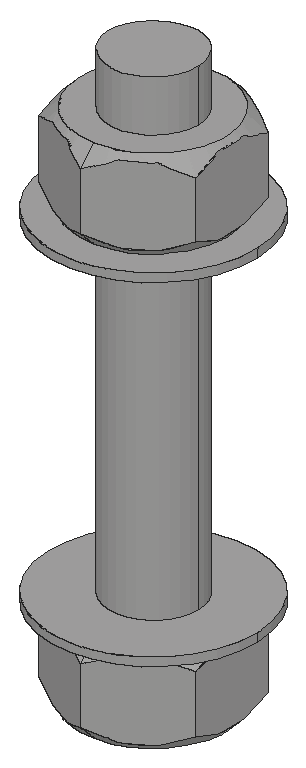
Revit family "螺栓2021", category 机械设备, Revit 2021
Family settings
  圆形连接件大小 = 使用直径
  零件类型 = 标准
  基于工作平面 = 是
  总是垂直 = 否
  加载时剪切的空心 = 否
  共享 = 是
  房间计算点 = 否
Parameters (values of type "m27-450")
  Default Elevation = 0 mm
  Assembly Code = ""
  说明 = "永久免费族库下载，找构件就上构件坞"
  Type Comments = ""
  Keynote = ""
  材质 = none
  Model = ""
  Manufacturer = ""
  s [instance] = a / 5.6  # 4.227 mm
  r2 [instance] = a / 0.865  # 27.366 mm
  r1 [instance] = a / 2  # 11.836 mm
  k = 88 mm
  h3-1 = 0 mm
  h3 [instance] = h1 / 6  # 2.28 mm
  h2 [instance] = a  # 23.671 mm
  h1 [instance] = a / 1.73  # 13.683 mm
  c = 41 mm
  b [instance] = 2 / sqrt(3) * c  # 47.343 mm
  a [instance] = c / sqrt(3)  # 23.671 mm
  URL = "www.goujianwu.com"
Types (10, lengths in mm): name | s | r2 | r1 | k | h3 | h2 | h1 | c | b | a
  M30-600 | 4.743 | 30.703 | 13.279 | 108 | 2.559 | 26.558 | 15.352 | 46 | 53.116 | 26.558
  M27-400 | 4.227 | 27.366 | 11.836 | 80 | 2.28 | 23.671 | 13.683 | 41 | 47.343 | 23.671
  M16-50 | 2.474 | 16.019 | 6.928 | 40 | 1.335 | 13.856 | 8.009 | 24 | 27.713 | 13.856
  M16-80 | 2.474 | 16.019 | 6.928 | 44 | 1.335 | 13.856 | 8.009 | 24 | 27.713 | 13.856
  M16-100 | 2.474 | 16.019 | 6.928 | 48 | 1.335 | 13.856 | 8.009 | 24 | 27.713 | 13.856
  M16-125 | 2.474 | 16.019 | 6.928 | 52 | 1.335 | 13.856 | 8.009 | 24 | 27.713 | 13.856
  m27-450 | 4.227 | 27.366 | 11.836 | 88 | 2.28 | 23.671 | 13.683 | 41 | 47.343 | 23.671
  M22-250 | 3.299 | 21.359 | 9.238 | 64 | 1.78 | 18.475 | 10.679 | 32 | 36.95 | 18.475
  M22-350-207 | 3.299 | 21.359 | 9.238 | 207 | 1.78 | 18.475 | 10.679 | 32 | 36.95 | 18.475
  M22-350 | 3.299 | 21.359 | 9.238 | 76 | 1.78 | 18.475 | 10.679 | 32 | 36.95 | 18.475
Reference planes
  plane 1 "中心(前/后)": y = 0
  plane 2: z = 0
  plane 3 "中心(左/右)": x = 0
  plane 4: y = 11.836
  plane 5: y = -11.836
  plane 6: x = -20.5
  plane 7: x = 20.5
  plane 8: y = 23.671
  plane 9: y = -23.671
  plane 10: z = 2.28
  plane 11: z = 25.952
  plane 12: z = 39.635
  plane 13: z = -88
  plane 14: z = -90.28
  plane 15: z = -113.952
  plane 16: z = -113.952
Forms (mm)
  Extrusion 1, solid, material "螺栓"
    sketch origin (0, 0, 0) x (1, 0, 0) y (0, 1, 0)
      loop
        circle (0, 0) r 11.836
    from -113.952 to 39.635
  Extrusion 2, solid, material "螺栓"
    sketch origin (0, 3.175, 0) x (1, 0, 0) y (0, 1, 0)
      loop
        line (20.5, 8.66) -> (0, 20.496) -> (-20.5, 8.66) -> (-20.5, -15.011) -> (0, -26.847) -> (20.5, -15.011) -> (20.5, 8.66)
    from 2.28 to 25.952
  Revolve 3, void
    sketch origin (0, 0, 0) x (0, 1, 0) y (0, 0, 1)
      loop
        line (-23.671, 25.952) -> (-23.671, 21.725) -> (-19.444, 25.952) -> (-23.671, 25.952)
      loop
        line (-23.671, 2.28) -> (-19.444, 2.28) -> (-23.671, 6.508) -> (-23.671, 2.28)
      axis (0, 25.952) -> (0, 2.28)
    angle from 0 to 360
  Extrusion 4, solid, material "螺栓"
    sketch origin (0, 0, 0) x (1, 0, 0) y (0, 1, 0)
      loop
        circle (0, 0) r 27.366
    from 0 to 2.28
  Extrusion 5, solid, material "螺栓"
    sketch origin (0, 0, -66.896) x (1, 0, 0) y (0, 1, 0)
      loop
        circle (0, 0) r 27.366
    from -23.385 to -21.104
  Extrusion 6, solid, material "螺栓"
    sketch origin (0, 0, -86.049) x (1, 0, 0) y (0, 1, 0)
      loop
        line (20.5, 11.836) -> (0, 23.671) -> (-20.5, 11.836) -> (-20.5, -11.836) -> (0, -23.671) -> (20.5, -11.836) -> (20.5, 11.836)
    from -27.903 to -4.232
  Revolve 7, void
    sketch origin (0, 0, -86.049) x (0, 1, 0) y (0, 0, 1)
      loop
        line (-23.671, -4.232) -> (-23.671, -8.459) -> (-19.444, -4.232) -> (-23.671, -4.232)
      loop
        line (-23.671, -27.903) -> (-19.444, -27.903) -> (-23.671, -23.676) -> (-23.671, -27.903)
      axis (0, -4.232) -> (0, -27.903)
    angle from 0 to 360
Cuts and joins
  Revolve 7 cuts Extrusion 1
  Revolve 3, Revolve 7 cuts Extrusion 2
  joined: Extrusion 1, Extrusion 2
  Revolve 7 cuts Extrusion 4
  Revolve 7 cuts Extrusion 6
Dimensions and locks
  equal spacing: plane 4, plane 1 "中心(前/后)", plane 5
  equal spacing: plane 8, plane 1 "中心(前/后)", plane 9
  equal spacing: plane 6, plane 3 "中心(左/右)", plane 7
  "a": plane 4 to plane 5
  "b": plane 8 to plane 9
  "c": plane 6 to plane 7
  "h2": plane 11 to plane 10
  "h3": plane 10 to plane 2
  "h1": plane 12 to plane 11
  "s": Revolve 3 sketch curve to Revolve 3 sketch curve  (x4)
  "s": Revolve 7 sketch curve to Revolve 7 sketch curve  (x4)
  "k": plane 2 to plane 13
  "h3": plane 13 to plane 14
  "h2": plane 14 to plane 15
  "h3-1": plane 15 to plane 16
  "r1": radius of Extrusion 1 sketch curve
  "r2": radius of Extrusion 4 sketch curve
  "r2": radius of Extrusion 5 sketch curve
  aligned and locked: level to plane 2
  aligned and locked: plane 1 "中心(前/后)" to Extrusion 1 sketch curve
  aligned and locked: plane 3 "中心(左/右)" to Extrusion 1 sketch curve
  aligned and locked: plane 4 to Extrusion 2  (x4)
  aligned and locked: plane 5 to Extrusion 2  (x4)
  aligned and locked: plane 8 to Extrusion 2  (x2)
  aligned and locked: plane 6 to Extrusion 2
  aligned and locked: Extrusion 2 to plane 7
  aligned and locked: plane 9 to Extrusion 2  (x2)
  aligned and locked: Extrusion 4 to plane 2
  aligned and locked: plane 10 to Extrusion 4  (x2)
  aligned and locked: plane 12 to Extrusion 1
  aligned and locked: Extrusion 4 to plane 10
  aligned and locked: Revolve 3 sketch curve to plane 11
  aligned and locked: Revolve 3 sketch curve to plane 9
  aligned and locked: plane 9 to Revolve 3 sketch curve
  aligned and locked: Revolve 3 sketch curve to plane 10
  aligned and locked: cut or joined group of Extrusion 1, Extrusion 2, Revolve 3, Revolve 7 to plane 10
  aligned and locked: plane 11 to cut or joined group of Extrusion 1, Extrusion 2, Revolve 3, Revolve 7
  aligned and locked: plane 1 "中心(前/后)" to Extrusion 4 sketch curve
  aligned and locked: plane 3 "中心(左/右)" to Extrusion 4 sketch curve
  aligned and locked: plane 1 "中心(前/后)" to Revolve 3 sketch curve
  aligned and locked: cut or joined group of Extrusion 1, Extrusion 2, Revolve 3, Revolve 7 to plane 16
  aligned and locked: cut or joined group of Extrusion 6, Revolve 7 to plane 15
  aligned and locked: plane 13 to Extrusion 5
  aligned and locked: Extrusion 5 to plane 14
  aligned and locked: plane 14 to cut or joined group of Extrusion 6, Revolve 7
  aligned and locked: Revolve 7 sketch curve to plane 14
  aligned and locked: Revolve 7 sketch curve to plane 15
  aligned and locked: plane 9 to Revolve 7 sketch curve
  aligned and locked: Revolve 7 sketch curve to plane 9
Automatic sketch dimensions
  Extrusion 2 sketch curve to plane 5 = 0 mm  (x2)
  Extrusion 2 sketch curve to plane 6 = 0 mm
  Extrusion 2 sketch curve to plane 3 "中心(左/右)" = 0 mm  (x2)
  Extrusion 2 sketch curve to plane 4 = 0 mm  (x2)
  Extrusion 2 sketch curve to plane 7 = 0 mm
  Extrusion 2 sketch curve to plane 9 = 0 mm
  Extrusion 2 sketch curve to plane 8 = 0 mm
  Extrusion 6 sketch curve to plane 5 = 0 mm  (x2)
  Extrusion 6 sketch curve to plane 6 = 0 mm
  Extrusion 6 sketch curve to plane 3 "中心(左/右)" = 0 mm  (x2)
  Extrusion 6 sketch curve to plane 4 = 0 mm  (x2)
  Extrusion 6 sketch curve to plane 7 = 0 mm
  Extrusion 6 sketch curve to plane 9 = 0 mm
  Extrusion 6 sketch curve to plane 8 = 0 mm
  plane 12 to Revolve 3 sketch curve = 2.184 mm
  Revolve 3 sketch curve to Revolve 3 sketch curve = 16.248 mm
  plane 1 "中心(前/后)" to Extrusion 5 sketch curve = 0 mm
  Extrusion 5 sketch curve to plane 3 "中心(左/右)" = 0 mm
  Revolve 7 sketch curve to plane 1 "中心(前/后)" = 0 mm
  plane 13 to Revolve 7 sketch curve = 10.288 mm
  Revolve 7 sketch curve to level = 13.464 mm
